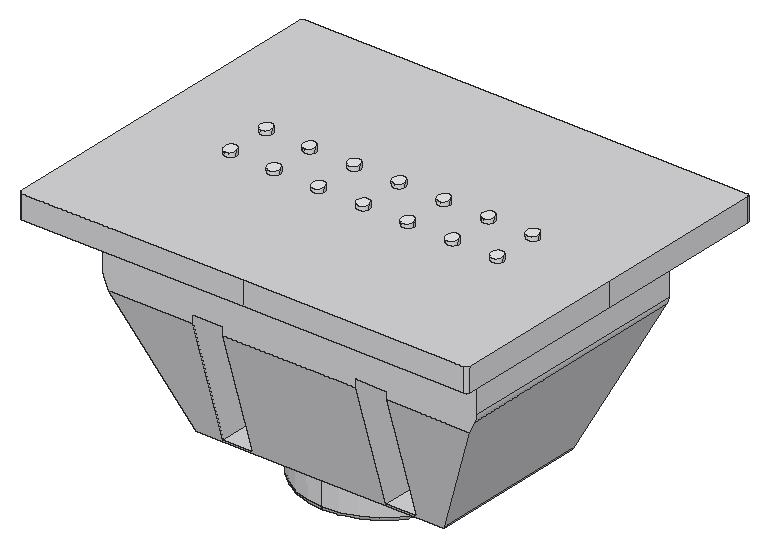
Revit family "Shower-Bodyspray-KOHLER-BEITOU-K-22957T_1", category Plumbing Fixtures, host Face, Revit 2017
Family settings
  Host = Face
  Round Connector Dimension = Use Diameter
  Part Type = Normal
  OmniClass Number = 23.31.17.00
  Cut with Voids When Loaded = No
  Shared = No
  Room Calculation Point = No
Parameters (values of type "CP-Polished Chrome")
  Width = 5 139/256"  # constant formula
  WaterSense Certified = 1 = 0  # no
  Waste Water Outlet = "Waste Water Outlet"  # constant formula
  Waste Connection = 1 = 0  # no
  Vent Connection = 1 = 0  # no
  URL = "http://www.kohler.com.cn/"
  Type = 1
  Tempered Water Inlet = "Tempered Water Inlet"  # constant formula
  Product Page URL = "https://www.kohler.com.cn/product/K-22957T-CP/K-22957T-CP/"
  Product Name = "BEITOU"  # constant formula
  Product Documentation Link = "https://files.kohler.com.cn/pdfs/1520398977906_22957T_22958T-SMS.pdf"
  Pressure = 0.00 psi
  Panel Thickness = 0"
  Model = if(Type = 1, "K-22957T-CP", if(Type = 2, "K-22957T-BV", "NA"))  # "K-22957T-CP"
  Material = "Premium Metal Construction"  # constant formula
  Master Format 2014 Name = "Residential Showers"  # constant formula
  Master Format 2014 = "22 42 23"  # constant formula
  Manufacturer Address = "Kohler Beijing Office (100016) 36-2-03-B, No. 88, Liuxiang Road, Beijing"  # constant formula
  Manufacturer = "KOHLER Co."  # constant formula
  Length = 4.35827"  # constant formula
  Hot Water Inlet = "Hot Water Inlet"  # constant formula
  Height = 3.09055"  # constant formula
  HW Connection = 1 = 1  # yes
  Flow Rate = 0 GPM
  Finish = Kohler-Metal-CP-Polished_Chrome
  Environmental Product Declaration = ""
  Drain Included = 1 = 0  # no
  Description = "Manda Body Sprinkler (2 in 1)"  # constant formula
  Default Elevation = 0"
  Declare Label = ""
  Date Modified = "09/25/2020"  # constant formula
  Date Created = "09/25/2020"  # constant formula
  Copyright = "Copyright KOHLER Co."  # constant formula
  Contact Us = "http://www.kohler.com.cn/contact/contact-us/"
  Cold Water Inlet = "Cold Water Inlet"  # constant formula
  CW Connection = 1 = 0  # no
  Assembly Code = "D2010700"
  ADA Compliant = 1 = 0  # no
Types (3): name | Type | Product Page URL | Model | Finish
  (no name) | 1 | "https://www.kohler.com.cn/product/K-22957T-CP/K-22957T-CP/" | "K-22957T-CP" | Kohler-Metal-CP-Polished_Chrome
  CP-Polished Chrome | 1 | "https://www.kohler.com.cn/product/K-22957T-CP/K-22957T-CP/" | "K-22957T-CP" | Kohler-Metal-CP-Polished_Chrome
  BV-Roman Copper | 2 | "https://www.kohler.com.cn/product/K-22957T-CP/K-22957T-BN/" | "K-22957T-BV" | Kohler-Metal-BV-Roman_Copper
Reference planes (in)
  plane 1 "Center (Front/Back)": y = 0
  plane 2: z = 0
  plane 3 "Center (Left/Right)": x = 0
  plane 4: y = 2.18012
  plane 5: x = -2.77067
  plane 6: y = -2.17815
  plane 7: x = 2.7723
  plane 8: z = -2.79771
  plane 9: z = 0.29284
  plane 10: z = -2.4402
  plane 11: z = -0.09843
  plane 12: z = 0.34961
  plane 13: y = 1.49606
  plane 14: y = -1.49606
  plane 15: x = -2.32283
  plane 16: x = 2.32283
Forms (in)
  Extrusion 1, void
    sketch origin (0, 0, 0) x (1, 0, 0) y (0, 1, 0)
      loop
        line (2.62598, 1.98031) -> (-2.62598, 1.98031) -> (-2.62598, -1.97921) -> (2.62598, -1.97921) -> (2.62598, 1.98031)
    from -2.79771 to 0.05438
Dimensions and locks (in)
  "Width": plane 5 to plane 7
  "Length": plane 6 to plane 4
  "Height": plane 9 to plane 8
  plane 13 to plane 14 = 2.99213"
  level to plane 8 = 2.79771"
  plane 16 to plane 15 = 4.64567"
  aligned and locked: plane 2 to host face
  aligned and locked: level to host face
Automatic sketch dimensions
  host sketch curve to host sketch curve = 96"  (x2)
  plane 5 to Extrusion 1 sketch curve = 0.14469"
  plane 7 to Extrusion 1 sketch curve = 0.14632"
  plane 6 to Extrusion 1 sketch curve = 0.19894"
  plane 4 to Extrusion 1 sketch curve = 0.1998"
Nested families (in)
  nested 1: "K-22957T" at (0, 0, -2.79771), type "K-22957T"
Connectors (in)
  piping at (0, 0, -2.79771), diameter 0.5, driven by "HW Connection", driven by "Tempered Water Inlet", driven by "Flow Rate"
    settings: on nested 1, index 1, connector inside diameter 24", connector length 0", flow factor 0, pipe flow 0 GPM, pressure drop 0.00 psi, fitting loss kfactor 0, connector angle 0.00°, fixture units 0, engagement length 0", angle of deflection 0.00°, flow configuration 0, flow direction 1, fitting loss method 0, system type 19, joint type 0, gender type 0, connector reference index -1, connector utility 1, adjustable connector no, is connector primary yes, connector description "Tempered Water Inlet"
Definition of nested family "K-22957T"
  Parameters (values of type "K-22957T")
    Plastic = none
    Material = none
  Reference planes (in)
    plane 1 "Center (Front/Back)": y = 0
    plane 2: z = 0
    plane 3 "Center (Left/Right)": x = 0
    plane 4: y = 2.18012
    plane 5: y = -2.18012
    plane 6: x = 2.77067
    plane 7: x = -2.77067
    plane 8: x = -2.31357
    plane 9: x = 2.31357
    plane 10: z = 3.08806
    plane 11: z = 2.79771
    plane 12: z = 0
    plane 13: z = 2.69928
    plane 14: z = 0.35751
  Forms (in)
    Revolve 1, solid, material <- "Material", detail levels medium+fine
      sketch origin (0, 0, 0) x (0, 1, 0) y (0, 0, 1)
        loop
          line (0, 0) -> (0, 0.38211) -> (-0.96537, 0.38211) -> (-0.95937, 0.03868)
          arc (-0.95937, 0.03868) -> (-0.9476, 0.01129) -> (-0.92001, 0) r 0.03937
          line (-0.92001, 0) -> (0, 0)
        axis (0, 0.38211) -> (0, 0)
      angle from 0 to 360
    Extrusion 2, solid, material <- "Material", detail levels medium+fine
      sketch origin (0, 0, 0) x (1, 0, 0) y (0, 0, 1)
        loop
          line (0, 0.35751) -> (1.51053, 0.35751)
          arc (1.51053, 0.35751) -> (1.53178, 0.36373) -> (1.54631, 0.38045) r 0.03937
          line (1.54631, 0.38045) -> (2.29492, 2.01061)
          arc (2.29492, 2.01061) -> (2.30851, 2.05067) -> (2.3136, 2.09266) r 0.20517
          line (2.3136, 2.09266) -> (2.32419, 2.69928) -> (0, 2.69928) -> (-2.32419, 2.69928) -> (-2.31361, 2.09271)
          arc (-2.31361, 2.09271) -> (-2.30851, 2.05067) -> (-2.29489, 2.01056) r 0.20543
          line (-2.29489, 2.01056) -> (-1.54631, 0.38045)
          arc (-1.54631, 0.38045) -> (-1.53178, 0.36373) -> (-1.51053, 0.35751) r 0.03937
          line (-1.51053, 0.35751) -> (0, 0.35751)
      from -1.50012 to 1.45986
    Extrusion 3, void
      sketch origin (0, 0, 0) x (0, 1, 0) y (0, 0, 1)
        loop
          line (1.5001, 2.69737) -> (1.49272, 2.08385)
          arc (1.49272, 2.08385) -> (1.49045, 2.0542) -> (1.48439, 2.02509) r 0.23107
          line (1.48439, 2.02509) -> (0.96487, 0.35751) -> (1.65936, 0.35751) -> (1.65936, 2.69737) -> (1.5001, 2.69737)
      from -6.1681 to 4.21059
    Extrusion 4, void
      sketch origin (0, -0.02461, 0) x (0, -1, 0) y (0, 0, -1)
        loop
          line (1.5001, -2.69737) -> (1.65936, -2.69737) -> (1.65936, -0.23978) -> (0.92819, -0.23978) -> (1.48439, -2.02509)
          arc (1.48439, -2.02509) -> (1.49045, -2.0542) -> (1.49272, -2.08385) r 0.23107
          line (1.49272, -2.08385) -> (1.5001, -2.69737)
      from -3.50933 to 4.21059
    Extrusion 5, solid, material <- "Material", detail levels medium+fine
      sketch origin (0, 0, 0) x (1, 0, 0) y (0, 1, 0)
        loop
          line (0, 1.98031) -> (-2.49546, 1.98031)
          arc (-2.49546, 1.98031) -> (-2.58775, 1.94208) -> (-2.62598, 1.84979) r 0.13053
          line (-2.62598, 1.84979) -> (-2.62598, -1.85135)
          arc (-2.62598, -1.85135) -> (-2.58821, -1.94254) -> (-2.49702, -1.98031) r 0.12897
          line (-2.49702, -1.98031) -> (0, -1.98031) -> (2.49702, -1.98031)
          arc (2.49702, -1.98031) -> (2.58821, -1.94254) -> (2.62598, -1.85135) r 0.12897
          line (2.62598, -1.85135) -> (2.62598, 1.84979)
          arc (2.62598, 1.84979) -> (2.58775, 1.94208) -> (2.49546, 1.98031) r 0.13053
          line (2.49546, 1.98031) -> (0, 1.98031)
      from 2.69928 to 2.79771
    Extrusion 6, solid, material <- "Material", detail levels medium+fine
      sketch origin (0, 0, 0) x (1, 0, 0) y (0, 1, 0)
        loop
          line (0, 2.18012) -> (-2.73143, 2.18012)
          arc (-2.73143, 2.18012) -> (-2.75918, 2.16863) -> (-2.77067, 2.14088) r 0.03924
          line (-2.77067, 2.14088) -> (-2.77067, 0) -> (-2.77067, -2.14088)
          arc (-2.77067, -2.14088) -> (-2.75918, -2.16863) -> (-2.73143, -2.18012) r 0.03924
          line (-2.73143, -2.18012) -> (0, -2.18012) -> (2.73143, -2.18012)
          arc (2.73143, -2.18012) -> (2.75918, -2.16863) -> (2.77067, -2.14088) r 0.03924
          line (2.77067, -2.14088) -> (2.77067, 0) -> (2.77067, 2.14088)
          arc (2.77067, 2.14088) -> (2.75918, 2.16863) -> (2.73143, 2.18012) r 0.03924
          line (2.73143, 2.18012) -> (0, 2.18012)
      from 2.79771 to 3.08646
    Extrusion 7, solid, material <- "Plastic", detail levels medium+fine
      sketch origin (0, 0, 0) x (1, 0, 0) y (0, 1, 0)
        loop
          circle (-1.65362, 0.2418) r 0.07299
        loop
          circle (-1.10325, 0.22164) r 0.07299
        loop
          circle (-0.5541, 0.22415) r 0.07299
        loop
          circle (0, 0.22415) r 0.07299
        loop
          circle (0, -0.32972) r 0.07299
        loop
          circle (-0.55114, -0.32972) r 0.07299
        loop
          circle (-1.1037, -0.32614) r 0.07299
        loop
          circle (-1.65538, -0.30755) r 0.07299
        loop
          circle (1.65362, 0.22415) r 0.07299
        loop
          circle (1.10325, 0.22415) r 0.07299
        loop
          circle (0.5541, 0.22415) r 0.07299
        loop
          circle (0.55114, -0.32972) r 0.07299
        loop
          circle (1.1037, -0.32972) r 0.07299
        loop
          circle (1.6523, -0.32664) r 0.07299
      from 2.85208 to 3.21253
    Extrusion 8, void
      sketch origin (0, 0, 0) x (0, 1, 0) y (0, 0, 1)
        loop
          line (0.33791, 3.14975) -> (0.33791, 3.23659) -> (0.14106, 3.23659) -> (0.14106, 3.12208) -> (0.33791, 3.14975)
      from -3.41491 to 3.04992
    Extrusion 9, void
      sketch origin (0, 0, 0) x (0, 1, 0) y (0, 0, 1)
        loop
          line (-0.20392, 3.15194) -> (-0.19497, 3.2543) -> (-0.41043, 3.2543) -> (-0.41043, 3.11923) -> (-0.20392, 3.15194)
      from -3.74688 to 3.04992
    Extrusion 10, void
      sketch origin (0, 0, 0) x (0, 1, 0) y (0, 0, 1)
        loop
          line (1.48038, 2.0122) -> (0.65267, 2.0122) -> (0.17943, 0.3797) -> (0.97179, 0.3797) -> (1.48038, 2.0122)
      from 0.87533 to 1.20058
    Extrusion 11, void
      sketch origin (0, 0, 0) x (0, 1, 0) y (0, 0, -1)
        loop
          line (1.48038, -2.0122) -> (0.97179, -0.3797) -> (0.17943, -0.3797) -> (0.65267, -2.0122) -> (1.48038, -2.0122)
      from 0.87533 to 1.20058
    Extrusion 12, void
      sketch origin (0, 0, 0) x (0, 1, 0) y (0, 0, 1)
        loop
          line (-2.07826, 1.96143) -> (-1.57704, 0.3797) -> (-0.36349, 0.3797) -> (-0.82589, 1.96143) -> (-2.07826, 1.96143)
      from 0.82177 to 1.20058
    Extrusion 13, void
      sketch origin (0, 0, 0) x (0, 1, 0) y (0, 0, -1)
        loop
          line (-2.07826, -1.96143) -> (-0.82589, -1.96143) -> (-0.36349, -0.3797) -> (-1.57704, -0.3797) -> (-2.07826, -1.96143)
      from 0.82177 to 1.20058
    Extrusion 14, solid, material <- "Material", detail levels medium+fine
      sketch origin (0, 0, 0) x (1, 0, 0) y (0, 1, 0)
        loop
          circle (0, 0) r 0.11967
      from 0 to 0.23126
    Extrusion 15, solid, material <- "Material", detail levels coarse
      sketch origin (0, 0, 0) x (1, 0, 0) y (0, 1, 0)
        loop
          line (0, 2.18012) -> (-2.73143, 2.18012)
          arc (-2.73143, 2.18012) -> (-2.75918, 2.16863) -> (-2.77067, 2.14088) r 0.03924
          line (-2.77067, 2.14088) -> (-2.77067, 0) -> (-2.77067, -2.14088)
          arc (-2.77067, -2.14088) -> (-2.75918, -2.16863) -> (-2.73143, -2.18012) r 0.03924
          line (-2.73143, -2.18012) -> (0, -2.18012) -> (2.73143, -2.18012)
          arc (2.73143, -2.18012) -> (2.75918, -2.16863) -> (2.77067, -2.14088) r 0.03924
          line (2.77067, -2.14088) -> (2.77067, 0) -> (2.77067, 2.14088)
          arc (2.77067, 2.14088) -> (2.75918, 2.16863) -> (2.73143, 2.18012) r 0.03924
          line (2.73143, 2.18012) -> (0, 2.18012)
      from 2.79771 to 3.08646
    Extrusion 16, solid, material <- "Material", detail levels coarse
      sketch origin (0, 0, 0) x (1, 0, 0) y (0, 0, 1)
        loop
          line (-1.3716, 0) -> (1.3716, 0) -> (2.29492, 2.01061)
          arc (2.29492, 2.01061) -> (2.30851, 2.05067) -> (2.3136, 2.09266) r 0.20517
          line (2.3136, 2.09266) -> (2.32591, 2.79771) -> (-2.32591, 2.79771) -> (-2.31361, 2.09271)
          arc (-2.31361, 2.09271) -> (-2.30851, 2.05067) -> (-2.29489, 2.01056) r 0.20543
          line (-2.29489, 2.01056) -> (-1.3716, 0)
      from -1.50012 to 1.45986
  Cuts and joins
    Extrusion 3, Extrusion 4, Extrusion 10, Extrusion 11, Extrusion 12, Extrusion 13 cuts Extrusion 2
    Extrusion 8, Extrusion 9 cuts Extrusion 7
    joined: Revolve 1, Extrusion 5, Extrusion 6
    joined: Extrusion 15, Extrusion 16
  Lines and regions (in)
    Masking region 1
      outline origin (0, 0, 0) x (1, 0, 0) y (0, 1, 0)
        loop
          line (0, 2.18012) -> (-2.732, 2.18012)
          arc (-2.732, 2.18012) -> (-2.75934, 2.16879) -> (-2.77067, 2.14145) r 0.03867
          line (-2.77067, 2.14145) -> (-2.77067, 0) -> (-2.77067, -2.141)
          arc (-2.77067, -2.141) -> (-2.75921, -2.16866) -> (-2.73155, -2.18012) r 0.03912
          line (-2.73155, -2.18012) -> (0, -2.18012) -> (2.73155, -2.18012)
          arc (2.73155, -2.18012) -> (2.75921, -2.16866) -> (2.77067, -2.141) r 0.03912
          line (2.77067, -2.141) -> (2.77067, 0) -> (2.77067, 2.14145)
          arc (2.77067, 2.14145) -> (2.75934, 2.16879) -> (2.732, 2.18012) r 0.03867
          line (2.732, 2.18012) -> (0, 2.18012)
    Masking region 2
      outline origin (0, 0, 0) x (1, 0, 0) y (0, 0, 1)
        loop
          line (0, 0) -> (0.91925, 0)
          arc (0.91925, 0) -> (0.94784, 0.01184) -> (0.95968, 0.04044) r 0.04044
          line (0.95968, 0.04044) -> (0.96522, 0.35751) -> (1.51512, 0.35751)
          arc (1.51512, 0.35751) -> (1.53411, 0.36364) -> (1.54594, 0.37971) r 0.03248
          line (1.54594, 0.37971) -> (2.27233, 1.96152) -> (2.29466, 2.01014)
          arc (2.29466, 2.01014) -> (2.30741, 2.04641) -> (2.31327, 2.08442) r 0.20813
          line (2.31327, 2.08442) -> (2.324, 2.69941) -> (2.62586, 2.69941) -> (2.62586, 2.79762) -> (2.77065, 2.79762) -> (2.77065, 3.08807) -> (1.72836, 3.08807) -> (1.72836, 3.13733)
          arc (1.72836, 3.13733) -> (1.66895, 3.14783) -> (1.60876, 3.14382) r 0.25058
          arc (1.60876, 3.14382) -> (1.59273, 3.1417) -> (1.57944, 3.1325) r 0.03445
          line (1.57944, 3.1325) -> (1.57944, 3.08806) -> (1.17663, 3.08806) -> (1.17656, 3.13258)
          spline (1.17656, 3.13258) -> (1.17428, 3.13556) -> (1.16711, 3.13834) -> (1.15555, 3.14073) -> (1.1404, 3.14257) -> (1.12271, 3.14373) -> (1.1037, 3.14412) -> (1.08469, 3.14373) -> (1.067, 3.14257) -> (1.05185, 3.14073) -> (1.04029, 3.13834) -> (1.03312, 3.13556) -> (1.03084, 3.13258)
          line (1.03084, 3.13258) -> (1.03084, 3.08806) -> (0.62696, 3.08806) -> (0.62696, 3.13512)
          spline (0.62696, 3.13512) -> (0.62608, 3.13699) -> (0.62274, 3.13881) -> (0.61706, 3.14051) -> (0.60922, 3.14203) -> (0.5995, 3.14333) -> (0.58824, 3.14436) -> (0.5758, 3.14508) -> (0.56263, 3.14547) -> (0.54916, 3.14552) -> (0.53586, 3.14522) -> (0.52319, 3.14458) -> (0.51157, 3.14364)
          arc (0.51157, 3.14364) -> (0.49443, 3.14022) -> (0.47828, 3.13355) r 0.08999
          line (0.47828, 3.13355) -> (0.47828, 3.08806) -> (0.07276, 3.08806) -> (0.07276, 3.13325)
          spline (0.07276, 3.13325) -> (0.07268, 3.13462) -> (0.07127, 3.13599) -> (0.06854, 3.13731) -> (0.06454, 3.13857) -> (0.05936, 3.13975) -> (0.05308, 3.14081) -> (0.04582, 3.14175) -> (0.03771, 3.14254) -> (0.02891, 3.14317) -> (0.01957, 3.14363) -> (0.00988, 3.14391) -> (0, 3.144)
          spline (0, 3.144) -> (-0.01008, 3.14391) -> (-0.01997, 3.14362) -> (-0.02948, 3.14314) -> (-0.03842, 3.14248) -> (-0.04662, 3.14166) -> (-0.05392, 3.14069) -> (-0.06019, 3.13958) -> (-0.0653, 3.13837) -> (-0.06915, 3.13707) -> (-0.07167, 3.13571) -> (-0.07282, 3.13431) -> (-0.07257, 3.1329)
          line (-0.07257, 3.1329) -> (-0.07257, 3.08806) -> (-0.47828, 3.08806) -> (-0.47828, 3.13355)
          arc (-0.47828, 3.13355) -> (-0.49443, 3.14022) -> (-0.51157, 3.14364) r 0.08999
          spline (-0.51157, 3.14364) -> (-0.52304, 3.14457) -> (-0.53555, 3.14521) -> (-0.54867, 3.14551) -> (-0.56197, 3.14548) -> (-0.57502, 3.14511) -> (-0.58736, 3.14442) -> (-0.5986, 3.14343) -> (-0.60835, 3.14217) -> (-0.6163, 3.14069) -> (-0.62217, 3.13902) -> (-0.62577, 3.13724) -> (-0.62719, 3.1354)
          line (-0.62719, 3.1354) -> (-0.62719, 3.08806) -> (-1.03084, 3.08806) -> (-1.03084, 3.13335)
          spline (-1.03084, 3.13335) -> (-1.03312, 3.13633) -> (-1.04029, 3.13911) -> (-1.05185, 3.1415) -> (-1.067, 3.14334) -> (-1.08469, 3.1445) -> (-1.1037, 3.14489) -> (-1.12271, 3.1445) -> (-1.1404, 3.14334) -> (-1.15555, 3.1415) -> (-1.16711, 3.13911) -> (-1.17428, 3.13633) -> (-1.17663, 3.13258)
          line (-1.17663, 3.13258) -> (-1.17663, 3.08806) -> (-1.58251, 3.08806) -> (-1.58251, 3.13552)
          spline (-1.58251, 3.13552) -> (-1.5848, 3.1385) -> (-1.59197, 3.14128) -> (-1.60353, 3.14368) -> (-1.61868, 3.14552) -> (-1.63637, 3.14667) -> (-1.65538, 3.14707) -> (-1.67438, 3.14667) -> (-1.69208, 3.14552) -> (-1.70723, 3.14368) -> (-1.71879, 3.14128) -> (-1.72595, 3.1385) -> (-1.72836, 3.13558)
          line (-1.72836, 3.13558) -> (-1.72836, 3.08807) -> (-2.77065, 3.08807) -> (-2.77065, 2.79762) -> (-2.62586, 2.79762) -> (-2.62586, 2.69941) -> (-2.324, 2.69941) -> (-2.31327, 2.08442)
          arc (-2.31327, 2.08442) -> (-2.30741, 2.04641) -> (-2.29466, 2.01014) r 0.20813
          line (-2.29466, 2.01014) -> (-2.27233, 1.96152) -> (-1.54594, 0.37971)
          arc (-1.54594, 0.37971) -> (-1.53411, 0.36364) -> (-1.51512, 0.35751) r 0.03248
          line (-1.51512, 0.35751) -> (-0.96522, 0.35751) -> (-0.95968, 0.04044)
          arc (-0.95968, 0.04044) -> (-0.94784, 0.01184) -> (-0.91925, 0) r 0.04044
          line (-0.91925, 0) -> (0, 0)
    Masking region 3
      outline origin (0, 0, 0) x (0, 1, 0) y (0, 0, 1)
        loop
          line (0, 0) -> (0.92524, 0)
          arc (0.92524, 0) -> (0.95539, 0.01771) -> (0.95461, 0.05267) r 0.03452
          line (0.95461, 0.05267) -> (0.98524, 0.3441) -> (1.49861, 1.99191) -> (1.49861, 2.69719) -> (1.98011, 2.69719) -> (1.98011, 2.79771) -> (2.18012, 2.79771) -> (2.18012, 3.08806) -> (0.40287, 3.08806) -> (0.31479, 3.08806) -> (0.31479, 3.1465) -> (0.1464, 3.12283) -> (0.1464, 3.08806) -> (0, 3.08806) -> (-0.23467, 3.08806) -> (-0.23467, 3.14707) -> (-0.40287, 3.12043) -> (-0.40287, 3.08806) -> (-2.18012, 3.08806) -> (-2.18012, 2.79771) -> (-1.98011, 2.79771) -> (-1.98011, 2.69719) -> (-1.49553, 2.69719) -> (-1.49553, 1.98204) -> (-0.98524, 0.3441) -> (-0.95461, 0.05267)
          arc (-0.95461, 0.05267) -> (-0.95539, 0.01771) -> (-0.92524, 0) r 0.03452
          line (-0.92524, 0) -> (0, 0)
    symbolic lines, detail levels medium+fine
      curve 1: line (0, 0.95939, 0.0396) -> (0, -0.95939, 0.0396)
      curve 2: line (0, -0.98948, 0.35751) -> (0, 0.98942, 0.35751)
      curve 3: line (0, -0.99638, 0.3797) -> (0, 0.99633, 0.3797)
      curve 4: line (0, 1.49861, 2.08385) -> (0, -1.49553, 2.08385)
      curve 5: line (0, 1.49861, 2.01523) -> (0, -1.49553, 2.01523)
      curve 6: line (0, -1.98031, 2.69928) -> (0, 1.98031, 2.69928)
      curve 7: line (0, -2.18012, 2.79771) -> (0, 2.15647, 2.79771)
      curve 8: line (0, 0.31479, 3.08806) -> (0, 0.1464, 3.08806)
      curve 9: line (0, -0.23467, 3.08806) -> (0, -0.40287, 3.08806)
      curve 10: line (0, 2.15647, 3.08646) -> (0, 2.15647, 2.79771)
      curve 11: line (0, 1.89598, 2.79771) -> (0, 1.89598, 2.69928)
      curve 12: line (0, -2.158, 3.08646) -> (0, -2.158, 2.79771)
      curve 13: line (0, -1.89598, 2.79771) -> (0, -1.89598, 2.69928)
      curve 14: line (0, 1.19682, 2.69928) -> (0, 1.19682, 2.08385)
      curve 15: line (0, 1.19682, 2.08385) -> (0, 0.70817, 0.3797)
      curve 16: line (0, -1.19682, 2.69928) -> (0, -1.19682, 2.08385)
      curve 17: line (0, -1.19682, 2.08385) -> (0, -0.70817, 0.3797)
      curve 18: line (-0.95968, 0, 0.04044) -> (0.95968, 0, 0.04044)
      curve 19: line (-0.96476, 0, 0.34029) -> (-0.23709, 0, 0.34029)
      curve 20: line (0.96476, 0, 0.34029) -> (0.23709, 0, 0.34029)
      curve 21: arc (-0.23709, 0, 0.34029) -> (0, 0, 0.35751) -> (0.23709, 0, 0.34029) r 1.64088
      curve 22: line (-1.51512, 0, 0.35751) -> (0, 0, 0.35751)
      curve 23: line (0, 0, 0.35751) -> (1.51512, 0, 0.35751)
      curve 24: line (-1.20058, 0, 2.02509) -> (-1.20058, 0, 0.35751)
      curve 25: line (-0.82177, 0, 0.35751) -> (-0.82177, 0, 2.02509)
      curve 26: line (-0.82177, 0, 2.02509) -> (-1.20058, 0, 2.02509)
      curve 27: line (1.20058, 0, 2.02509) -> (1.20058, 0, 0.35751)
      curve 28: line (0.82177, 0, 0.35751) -> (0.82177, 0, 2.02509)
      curve 29: line (0.82177, 0, 2.02509) -> (1.20058, 0, 2.02509)
      curve 30: line (-2.26302, 0, 1.94117) -> (-1.2181, 0, 1.94117)
      curve 31: line (2.3009, 0, 2.02509) -> (-2.3009, 0, 2.02509)
      curve 32: line (-1.2181, 0, 1.94117) -> (1.23564, 0, 1.94117)
      curve 33: line (1.23564, 0, 1.94117) -> (2.26302, 0, 1.94117)
      curve 34: line (-2.62598, 0, 2.69928) -> (2.62598, 0, 2.69928)
      curve 35: line (-2.77067, 0, 2.79771) -> (2.77067, 0, 2.79771)
      curve 36: spline (-1.58251, 0, 3.13552) -> (-1.5848, 0, 3.13254) -> (-1.59197, 0, 3.12976) -> (-1.60353, 0, 3.12737) -> (-1.61868, 0, 3.12553) -> (-1.63637, 0, 3.12437) -> (-1.65538, 0, 3.12398) -> (-1.67438, 0, 3.12437) -> (-1.69208, 0, 3.12553) -> (-1.70723, 0, 3.12737) -> (-1.71879, 0, 3.12976) -> (-1.72595, 0, 3.13254) -> (-1.72824, 0, 3.13552)
      curve 37: spline (-1.03084, 0, 3.13258) -> (-1.03312, 0, 3.1296) -> (-1.04029, 0, 3.12682) -> (-1.05185, 0, 3.12443) -> (-1.067, 0, 3.12259) -> (-1.08469, 0, 3.12143) -> (-1.1037, 0, 3.12104) -> (-1.12271, 0, 3.12143) -> (-1.1404, 0, 3.12259) -> (-1.15555, 0, 3.12443) -> (-1.16711, 0, 3.12682) -> (-1.17428, 0, 3.1296) -> (-1.17656, 0, 3.13258)
      curve 38: spline (0.07286, 0, 3.13201) -> (0.07058, 0, 3.12903) -> (0.06341, 0, 3.12625) -> (0.05185, 0, 3.12386) -> (0.0367, 0, 3.12202) -> (0.01901, 0, 3.12086) -> (0, 0, 3.12047) -> (-0.01901, 0, 3.12086) -> (-0.0367, 0, 3.12202) -> (-0.05185, 0, 3.12386) -> (-0.06341, 0, 3.12625) -> (-0.07058, 0, 3.12903) -> (-0.07286, 0, 3.13201)
      curve 39: spline (1.17656, 0, 3.13201) -> (1.17428, 0, 3.12903) -> (1.16711, 0, 3.12625) -> (1.15555, 0, 3.12386) -> (1.1404, 0, 3.12202) -> (1.12271, 0, 3.12086) -> (1.1037, 0, 3.12047) -> (1.08469, 0, 3.12086) -> (1.067, 0, 3.12202) -> (1.05185, 0, 3.12386) -> (1.04029, 0, 3.12625) -> (1.03312, 0, 3.12903) -> (1.03084, 0, 3.13201)
      curve 40: line (-1.72836, 0, 3.08807) -> (-1.58256, 0, 3.08807)
      curve 41: line (-1.17663, 0, 3.08806) -> (-1.03084, 0, 3.08806)
      curve 42: line (-0.62719, 0, 3.08806) -> (-0.47828, 0, 3.08806)
      curve 43: line (-0.07257, 0, 3.08806) -> (0.07276, 0, 3.08806)
      curve 44: line (0.47828, 0, 3.08806) -> (0.62719, 0, 3.08806)
      curve 45: line (1.03084, 0, 3.08806) -> (1.17663, 0, 3.08806)
      curve 46: line (1.57944, 0, 3.08806) -> (1.72667, 0, 3.08806)
      curve 47: arc (1.72836, 0, 3.13733) -> (1.65429, 0, 3.12277) -> (1.57944, 0, 3.1325) r 0.23446
      curve 48: arc (0.47828, 0, 3.13201) -> (0.55278, 0, 3.12616) -> (0.62696, 0, 3.1352) r 0.37479
      curve 49: arc (-0.62698, 0, 3.13376) -> (-0.55261, 0, 3.12532) -> (-0.47823, 0, 3.13376) r 0.33191
      curve 50: line (-2.73143, 0, 3.08646) -> (-2.73143, 0, 2.79771)
      curve 51: line (-2.55766, 0, 2.79771) -> (-2.55766, 0, 2.69928)
      curve 52: line (2.73143, 0, 3.08646) -> (2.73143, 0, 2.79771)
      curve 53: line (2.55766, 0, 2.79771) -> (2.55766, 0, 2.69928)
      curve 54: line (-1.2833, 0, 0.35751) -> (-2.02177, 0, 1.94117)
      curve 55: line (-2.02177, 0, 1.94117) -> (-2.02177, 0, 2.69928)
      curve 56: line (1.2833, 0, 0.35751) -> (2.02177, 0, 1.94117)
      curve 57: line (2.02177, 0, 1.94117) -> (2.02177, 0, 2.69928)
      curve 58: arc (-1.58064, 0.2418, 0) -> (-1.65362, 0.31479, 0) -> (-1.72661, 0.2418, 0) r 0.07299
      curve 59: arc (-1.72661, 0.2418, 0) -> (-1.65362, 0.16882, 0) -> (-1.58064, 0.2418, 0) r 0.07299
      curve 60: arc (-1.58239, -0.30755, 0) -> (-1.65538, -0.23457, 0) -> (-1.72836, -0.30755, 0) r 0.07299
      curve 61: arc (-1.72836, -0.30755, 0) -> (-1.65538, -0.38054, 0) -> (-1.58239, -0.30755, 0) r 0.07299
      curve 62: arc (-1.03026, 0.22164, 0) -> (-1.10325, 0.29463, 0) -> (-1.17624, 0.22164, 0) r 0.07299
      curve 63: arc (-1.17624, 0.22164, 0) -> (-1.10325, 0.14865, 0) -> (-1.03026, 0.22164, 0) r 0.07299
      curve 64: arc (-1.03071, -0.32614, 0) -> (-1.1037, -0.25316, 0) -> (-1.17668, -0.32614, 0) r 0.07299
      curve 65: arc (-1.17668, -0.32614, 0) -> (-1.1037, -0.39913, 0) -> (-1.03071, -0.32614, 0) r 0.07299
      curve 66: arc (-0.48111, 0.22415, 0) -> (-0.5541, 0.29714, 0) -> (-0.62708, 0.22415, 0) r 0.07299
      curve 67: arc (-0.62708, 0.22415, 0) -> (-0.5541, 0.15116, 0) -> (-0.48111, 0.22415, 0) r 0.07299
      curve 68: arc (-0.47815, -0.32972, 0) -> (-0.55114, -0.25673, 0) -> (-0.62412, -0.32972, 0) r 0.07299
      curve 69: arc (-0.62412, -0.32972, 0) -> (-0.55114, -0.40271, 0) -> (-0.47815, -0.32972, 0) r 0.07299
      curve 70: arc (0.07299, 0.22415, 0) -> (0, 0.29714, 0) -> (-0.07299, 0.22415, 0) r 0.07299
      curve 71: arc (-0.07299, 0.22415, 0) -> (0, 0.15116, 0) -> (0.07299, 0.22415, 0) r 0.07299
      curve 72: arc (0.07299, -0.32972, 0) -> (0, -0.25673, 0) -> (-0.07299, -0.32972, 0) r 0.07299
      curve 73: arc (-0.07299, -0.32972, 0) -> (0, -0.40271, 0) -> (0.07299, -0.32972, 0) r 0.07299
      curve 74: arc (0.62708, 0.22415, 0) -> (0.5541, 0.29714, 0) -> (0.48111, 0.22415, 0) r 0.07299
      curve 75: arc (0.48111, 0.22415, 0) -> (0.5541, 0.15116, 0) -> (0.62708, 0.22415, 0) r 0.07299
      curve 76: arc (0.62412, -0.32972, 0) -> (0.55114, -0.25673, 0) -> (0.47815, -0.32972, 0) r 0.07299
      curve 77: arc (0.47815, -0.32972, 0) -> (0.55114, -0.40271, 0) -> (0.62412, -0.32972, 0) r 0.07299
      curve 78: arc (1.17624, 0.22415, 0) -> (1.10325, 0.29714, 0) -> (1.03026, 0.22415, 0) r 0.07299
      curve 79: arc (1.03026, 0.22415, 0) -> (1.10325, 0.15116, 0) -> (1.17624, 0.22415, 0) r 0.07299
      curve 80: arc (1.17668, -0.32972, 0) -> (1.1037, -0.25673, 0) -> (1.03071, -0.32972, 0) r 0.07299
      curve 81: arc (1.03071, -0.32972, 0) -> (1.1037, -0.40271, 0) -> (1.17668, -0.32972, 0) r 0.07299
      curve 82: arc (1.72661, 0.22415, 0) -> (1.65362, 0.29714, 0) -> (1.58064, 0.22415, 0) r 0.07299
      curve 83: arc (1.58064, 0.22415, 0) -> (1.65362, 0.15116, 0) -> (1.72661, 0.22415, 0) r 0.07299
      curve 84: arc (1.72529, -0.32664, 0) -> (1.6523, -0.25366, 0) -> (1.57931, -0.32664, 0) r 0.07299
      curve 85: arc (1.57931, -0.32664, 0) -> (1.6523, -0.39963, 0) -> (1.72529, -0.32664, 0) r 0.07299
      curve 86: circle (-1.65232, 0.24391, 0) r 0.1117 normal (0, 0, 1)
      curve 87: circle (-1.65562, -0.30778, 0) r 0.11024 normal (0, 0, 1)
      curve 88: circle (-1.10419, 0.22121, 0) r 0.11024 normal (0, 0, 1)
      curve 89: circle (-1.10099, -0.33022, 0) r 0.11024 normal (0, 0, 1)
      curve 90: circle (-0.55276, 0.22442, 0) r 0.11024 normal (0, 0, 1)
      curve 91: circle (-0.54956, -0.33022, 0) r 0.11024 normal (0, 0, 1)
      curve 92: circle (0, 0.22649, 0) r 0.11024 normal (0, 0, 1)
      curve 93: circle (0, -0.33123, 0) r 0.11024 normal (0, 0, 1)
      curve 94: circle (1.10419, 0.22121, 0) r 0.11024 normal (0, 0, -1)
      curve 95: circle (1.10099, -0.33022, 0) r 0.11024 normal (0, 0, -1)
      curve 96: circle (0.55276, 0.22442, 0) r 0.11024 normal (0, 0, -1)
      curve 97: circle (0.54956, -0.33022, 0) r 0.11024 normal (0, 0, -1)
      curve 98: circle (1.65465, 0.22711, 0) r 0.11024 normal (0, 0, 1)
      curve 99: circle (1.65371, -0.32529, 0) r 0.11024 normal (0, 0, 1)
  Dimensions and locks (in)
    plane 7 to plane 3 "Center (Left/Right)" to plane 6 = 2.77067", 2.77067"
    plane 4 to plane 1 "Center (Front/Back)" = 2.18012"
    plane 5 to plane 1 "Center (Front/Back)" = 2.18012"
    plane 9 to plane 8 = 4.62715"
    plane 10 to level = 3.08806"
    plane 11 to level = 2.79771"
    aligned and locked: level to plane 2
